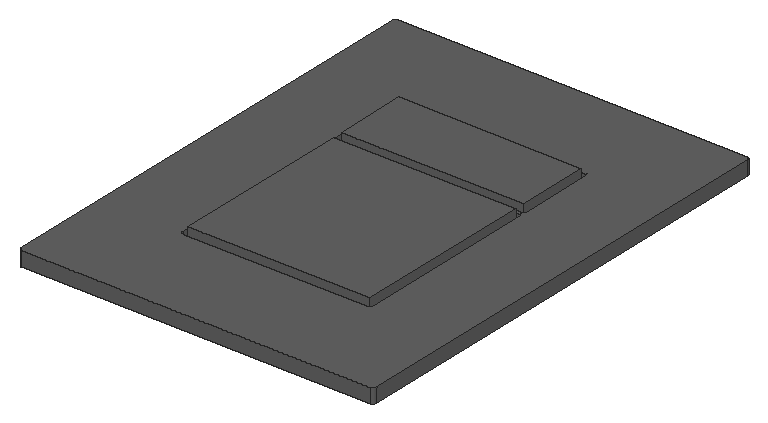
Revit family "Grohe_FlushPlate_SkateCosmopolitan_37535KF0", category Plumbing Fixtures, host Face, Revit 2020
Family settings
  Host = Face
  Round Connector Dimension = Use Diameter
  Part Type = Normal
  OmniClass Number = 23.45.05.00
  OmniClass Title = Sanitary Equipment
  Cut with Voids When Loaded = No
  Shared = No
  Room Calculation Point = No
Parameters (values of type "SKATE COSMOPOLITAN Flush Plate (37535KF0)")
  _ObjectUserGuide = "https://www.bimstore.co/products/grohe-37535kf0/document/object-user-guide"
  _DistributedBy = "https://www.bimstore.co/"
  _CurrentRevision = 1
  _CreatedBy = "https://www.bimstore.co/"
  _BimSpecGuid = 0
  _BSBibleVersion = 17
  _AuthorizedBy = "bimstore"
  _Author = "SM 182"
  WarrantyStartDate [instance] = "Please Record on Commissioning"
  WarrantyGuarantorParts = "https://www.grohe.co.uk"
  WarrantyGuarantorLabor = "https://www.grohe.co.uk"
  WarrantyDurationUnit = "Years"
  WarrantyDurationParts = "0"
  WarrantyDurationLabor = "0"
  WarrantyDescription = "n/a"
  URL = "https://www.grohe.co.uk/"
  TypeName = "SKATE COSMOPOLITAN Flush Plate (37535KF0)"
  Type Comments = "SKATE COSMOPOLITAN Flush Plate (37535KF0)"
  TPIDocumentLink = "https://cdn.cloud.grohe.com/tpi/2000/2200/2210/2211/2211081/original/2211081.pdf"
  SustainabilityReport = "green.grohe.com/reporting"
  SustainabilityAward = "green.grohe.com/awards"
  SpareParts = "info-uk@grohe.com"
  Size = "n/a"
  Shape = "n/a"
  SerialNumber [instance] = "Please Record on Commissioning"
  ReplacementCost = "n/a"
  ReferencedStandard = "n/a"
  ProductionYear = "2024"
  ProductType = "101404"
  ProductShortText = "Flush plate"
  ProductNumber = "37535KF0"
  ProductDescription = "for dual flush or start & stop actuation\r\n\r\nfor pneumatic discharge valve AV1, GD 2 cistern\r\n\r\nvertical installation\r\n\r\n130 x 172 mm\r\n\r\nmade of ABS\r\n\r\nGROHE Long-Life finish\r\n\r\nGROHE Water Saving - Less water, perfect flow\r\n\r\nflush plate with magnetic holder and fixing brackets included\r\n\r\ncompatible with Rapid SLX\r\n\r\nfor use with Rapid SL and Uniset with GD 2 cistern please order shaft 40 911 000 (sold separately)\r\n\r\nfor use with Rapid SL and Uniset 0.82 m installation height please order shaft 40 950 000 (sold separately)"
  PrimaryMaterial = Grohe_PhantomBlack
  PQDiagramLink = ""
  NominalLength = 0 mm
  NominalHeight = 0 mm
  NominalDepth = 0 mm
  NBSReference = "90-15-35/470"
  NBSOfficeMasterTag = "n/a"
  NBSObjectName = "Grohe - Flush Control Devices"
  NBSNote = "n/a"
  NBSDescription = "Flush Control Devices"
  ModelReference = "Flush plate"
  ModelNumber = "37535KF0"
  Model = "37535KF0"
  Material = "n/a"
  ManufacturerName = "Grohe"
  Manufacturer = "Grohe"
  Keynote = "N13"
  InstallationVideo = ""
  InstallationDate [instance] = "Please Record on Commissioning"
  IfcExportType = "IfcValveTypeEnum.FLUSHING"
  IfcExportAs = "IfcValve"
  Grade = "n/a"
  GROHESustainability = "green.grohe.com"
  GROHESocialCommittment = "green.grohe.com/social_engagement"
  FullRecyclabilityOfPlastic = "All plastic components are fully recycable"
  Finish = "n/a"
  Features = "n/a"
  ExpectedLife = 0
  Ecojoy = no
  EF023752 = "false"
  EF023751 = "true"
  EF020828 = "true"
  EF020827 = "true"
  EF010109 = "false"
  EF006949 = "Mechanical"
  EF006331 = "false"
  EF002169 = "Plastic"
  EF002147 = "Two button"
  EF001438 = "172"
  EF000040 = "5"
  EF000008 = "130"
  EF000007 = "Black"
  DurationUnit = "Years"
  DocumentationTechnical = "https://www.bimstore.co/products/grohe-37535kf0/document/object-user-guide"
  DocumentationMaintenance = "https://www.bimstore.co/products/grohe-37535kf0/document/maintenance-information"
  DocumentationLiterature = "https://www.bimstore.co/products/grohe-37535kf0/document/product-literature"
  DocumentationInstallationGuide = "https://www.bimstore.co/products/grohe-37535kf0/document/installation-guide"
  DocumentationCertificates = "https://www.bimstore.co/products/grohe-37535kf0/document/product-certificates"
  DimensionsDocumentLink = "https://cdn.cloud.grohe.com/dimdraw/2000/2000/2060/2068/2068521/1280/2068521.jpg"
  Description = "for dual flush or start & stop actuation\r\n\r\nfor pneumatic discharge valve AV1, GD 2 cistern\r\n\r\nvertical installation\r\n\r\n130 x 172 mm\r\n\r\nmade of ABS\r\n\r\nGROHE Long-Life finish\r\n\r\nGROHE Water Saving - Less water, perfect flow\r\n\r\nflush plate with magnetic holder and fixing brackets included\r\n\r\ncompatible with Rapid SLX\r\n\r\nfor use with Rapid SL and Uniset with GD 2 cistern please order shaft 40 911 000 (sold separately)\r\n\r\nfor use with Rapid SL and Uniset 0.82 m installation height please order shaft 40 950 000 (sold separately)"
  Default Elevation = 0 mm
  CreatedOn = "2024-04-16T:09:00:00"
  CreatedBy = "info-uk@grohe.com"
  CradleToCradleCertification = "N/A"
  Cost = 0
  Constituents = "n/a"
  Color = "Black"
  CodePerformance = "n/a"
  ClassificationValue = "Pr_75_50_46_31"
  ClassificationName = "Uniclass2015"
  CO2NeutralProduction = "GROHE is one of the first leading manufacturer within the sanitary industry having a CO2-neutral production."
  BarCode [instance] = "Please Record on Commissioning"
  BIMObjectName = "Grohe_FlushPlate_SkateCosmopolitan_37535KF0"
  AssetType = "Fixed"
  AssetIdentifier [instance] = "n/a"
  Assembly Code = "D2010"
  AccessibilityPerformance = "n/a"
Reference planes
  plane 1 "Center (Front/Back)": y = 0
  plane 2: z = 0
  plane 3 "Center (Left/Right)": x = 0
Forms (mm)
  Extrusion 1, solid, material "Grohe_PhantomBlack" <- "PrimaryMaterial"
    sketch origin (0, 0, 0) x (1, 0, 0) y (0, 1, 0)
      loop
        arc (-63.82, 86) -> (-64.654, 85.654) -> (-65, 84.82) r 1.18
        line (-65, 84.82) -> (-65, -84.79)
        arc (-65, -84.79) -> (-64.645, -85.645) -> (-63.79, -86) r 1.21
        line (-63.79, -86) -> (63.786, -86)
        arc (63.786, -86) -> (64.644, -85.644) -> (65, -84.786) r 1.214
        line (65, -84.786) -> (65, 84.809)
        arc (65, 84.809) -> (64.651, 85.651) -> (63.809, 86) r 1.191
        line (63.809, 86) -> (-63.82, 86)
      loop
        arc (-33.75, 49.8) -> (-34.488, 49.494) -> (-34.793, 48.757) r 1.043
        line (-34.793, 48.757) -> (-34.793, 21.522)
        arc (-34.793, 21.522) -> (-34.494, 20.799) -> (-33.771, 20.5) r 1.022
        line (-33.771, 20.5) -> (33.803, 20.5)
        arc (33.803, 20.5) -> (34.508, 20.792) -> (34.8, 21.496) r 0.996
        line (34.8, 21.496) -> (34.8, 48.801)
        arc (34.8, 48.801) -> (34.507, 49.507) -> (33.801, 49.8) r 0.999
        line (33.801, 49.8) -> (-33.75, 49.8)
      loop
        arc (-33.75, 19.8) -> (-34.488, 19.494) -> (-34.793, 18.757) r 1.043
        line (-34.793, 18.757) -> (-34.793, -48.76)
        arc (-34.793, -48.76) -> (-34.494, -49.483) -> (-33.771, -49.782) r 1.022
        line (-33.771, -49.782) -> (33.803, -49.782)
        arc (33.803, -49.782) -> (34.508, -49.49) -> (34.8, -48.786) r 0.996
        line (34.8, -48.786) -> (34.8, 18.801)
        arc (34.8, 18.801) -> (34.507, 19.507) -> (33.801, 19.8) r 0.999
        line (33.801, 19.8) -> (-33.75, 19.8)
    from 0 to 5.215
  Extrusion 2, solid, material "Grohe_PhantomBlack" <- "PrimaryMaterial"
    sketch origin (-111.158, 21.974, 0) x (1, 0, 0) y (0, 1, 0)
      loop
        line (77.865, 0.026) -> (144.458, 0.026) -> (144.458, 26.326) -> (77.865, 26.326) -> (77.865, 0.026)
      loop
        line (144.458, -3.674) -> (77.865, -3.674) -> (77.865, -70.256) -> (144.458, -70.256) -> (144.458, -3.674)
    from 0 to 7.272
Cuts and joins
  joined: Extrusion 1, Extrusion 2
Dimensions and locks
  aligned and locked: plane 2 to host face
  aligned and locked: level to host face
